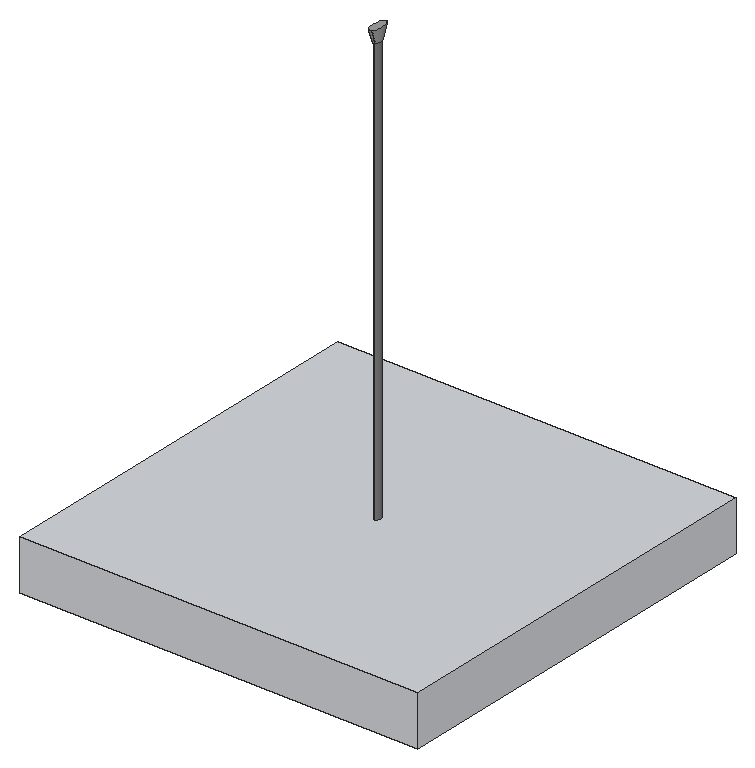
Revit family "Legrand Kit Colonnes Ovaline", category Installations électriques, Revit 2020
Family settings
  Hôte = Face
  Conserver l'orientation des annotations = Non
  Cote de connecteur circulaire = Utiliser le diamètre
  Type d'élément = Normal
  Couper avec des vides une fois chargée = Non
  Partagée = Non
  Point de calcul de pièce = Non
Parameters (values of type "Kit Ovaline Colonnette T2 Noir")
  h1 = 2700 mm
  Standard = "Ovaline"
  Nombre de compartiments = "Autre"
  Modèle = "LG-653065"
  Matériau principal = "Aluminium"
  Finition = "Noir"
  Fabricant = "LEGRAND"
  Default Elevation = 0 mm
  Description = "kit extension Colonnette Noir 2cpt 45 ou 1cpt 80 Ovaline 2,67m +chap +cloi +cach"
Types (4, lengths in mm): name | Modèle | Finition | Description
  Kit Ovaline Colonnette 1C Blanc | "LG-653060" | "Blanc" | "kit extension Colonnette 1cpt45 Blanche  Ovaline 2,67m +chapeau +cloison+cache plaf"
  Kit Ovaline Colonnette 1C Noir | "LG-653062" | "Noir" | "kit extension Colonnette 1cpt45 Noir  Ovaline 2,67m +chapeau +cloison +cache fix"
  Kit Ovaline Colonnette T2 Blanc | "LG-653063" | "Blanc" | "kit extension Colonnette Blanc 2cpt45 ou 1cpt 80 Ovaline 2,67m +chap +cloi +cach"
  Kit Ovaline Colonnette T2 Noir | "LG-653065" | "Noir" | "kit extension Colonnette Noir 2cpt 45 ou 1cpt 80 Ovaline 2,67m +chap +cloi +cach"
Reference planes
  plane 1 "Centre (avant/arrière)": y = 0
  plane 2: z = 0
  plane 3 "Centre (gauche/droite)": x = 0
  plane 4: z = 2700
  plane 5: z = 2620
Forms (mm)
  Extrusion 1, solid
    sketch origin (0, 0, 0) x (1, 0, 0) y (0, 1, 0)
      loop
        line (-1219.2, 1219.2) -> (-1219.2, -1219.2) -> (1219.2, -1219.2) -> (1219.2, 1219.2) -> (-1219.2, 1219.2)
    from 0 to -304.8
  Extrusion 2, solid, material "Legrand - Aluminium gris"
    sketch origin (0, 0, 0) x (1, 0, 0) y (0, 1, 0)
      loop
        arc (-5, 27.5) -> (-16.5, 0) -> (-5, -27.5) r 38.63
        line (-5, -27.5) -> (5, -27.5)
        arc (5, -27.5) -> (16.5, 0) -> (5, 27.5) r 38.63
        line (5, 27.5) -> (-5, 27.5)
    from 0 to 2620
  Blend 3, solid, material "Legrand - PVC  Gris"
    base sketch origin (0, 0, 2700) x (0, -1, 0) y (1, 0, 0)
      loop
        arc (-60, -10) -> (0, -27.5) -> (60, -10) r 111.607
        arc (60, -10) -> (65, 0) -> (60, 10) r 12.5
        arc (60, 10) -> (0, 27.5) -> (-60, 10) r 111.607
        arc (-60, 10) -> (-65, 0) -> (-60, -10) r 12.5
    top sketch origin (0, 0, 2700) x (0, -1, 0) y (1, 0, 0)
      loop
        arc (28.924, -6.405) -> (31.551, 0) -> (28.924, 6.405) r 9.119
        arc (28.924, 6.405) -> (0, 18.5) -> (-28.924, 6.405) r 40.63
        arc (-28.924, 6.405) -> (-31.551, 0) -> (-28.924, -6.405) r 9.119
        arc (-28.924, -6.405) -> (0, -18.5) -> (28.924, -6.405) r 40.63
    from 0 to -80
Dimensions and locks
  "h1": plane 4 to plane 2
  locked: plane 4 to plane 5 at 80
  aligned and locked: plane 2 to Extrusion 1
  aligned and locked: level to Extrusion 1
  aligned and locked: Extrusion 2 to Blend 3
  aligned and locked: plane 4 to Blend 3
  aligned and locked: Blend 3 to plane 5
  aligned and locked: plane 5 to Extrusion 2
  aligned and locked: Extrusion 2 to level
Automatic sketch dimensions
  Extrusion 1 sketch curve to Extrusion 1 sketch curve = 2438.4 mm  (x2)
  plane 1 "Centre (avant/arrière)" to Extrusion 2 sketch curve = 0 mm  (x2)
  Extrusion 2 sketch curve to plane 3 "Centre (gauche/droite)" = 22.13 mm
  Extrusion 2 sketch curve to plane 3 "Centre (gauche/droite)" = 5 mm  (x2)
  plane 3 "Centre (gauche/droite)" to Extrusion 2 sketch curve = 5 mm
  plane 3 "Centre (gauche/droite)" to Extrusion 2 sketch curve = 22.13 mm
  plane 1 "Centre (avant/arrière)" to Extrusion 2 sketch curve = 27.5 mm
  Blend 3 sketch curve to plane 3 "Centre (gauche/droite)" = 0 mm  (x4)
  plane 1 "Centre (avant/arrière)" to Blend 3 sketch curve = 0 mm  (x4)
  Blend 3 sketch curve to plane 1 "Centre (avant/arrière)" = 52.5 mm
  plane 1 "Centre (avant/arrière)" to Blend 3 sketch curve = 52.5 mm
  Blend 3 sketch curve to plane 3 "Centre (gauche/droite)" = 84.107 mm
  plane 3 "Centre (gauche/droite)" to Blend 3 sketch curve = 84.107 mm
  Blend 3 sketch curve to Blend 3 sketch curve = 7.5 mm  (x3)
  Blend 3 sketch curve to plane 3 "Centre (gauche/droite)" = 10 mm
  Blend 3 sketch curve to plane 1 "Centre (avant/arrière)" = 22.432 mm
  plane 1 "Centre (avant/arrière)" to Blend 3 sketch curve = 22.432 mm
  Blend 3 sketch curve to plane 3 "Centre (gauche/droite)" = 22.13 mm
  plane 3 "Centre (gauche/droite)" to Blend 3 sketch curve = 22.13 mm
  plane 3 "Centre (gauche/droite)" to Blend 3 sketch curve = 6.405 mm
  Blend 3 sketch curve to plane 3 "Centre (gauche/droite)" = 6.405 mm
  Blend 3 sketch curve to Blend 3 sketch curve = 0 mm  (x2)
